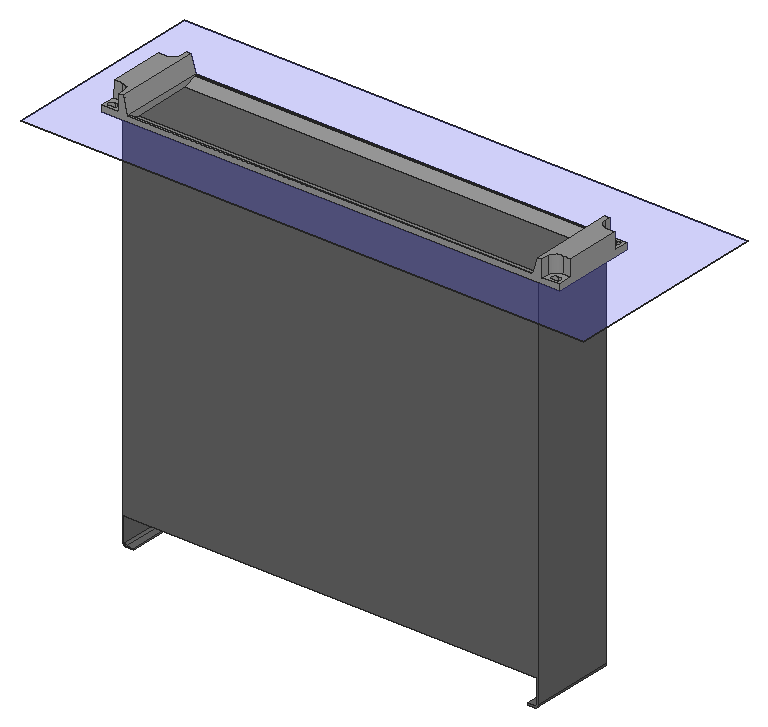
Revit family "QSC CX-Q 4 Channel Amplifier", category Generic Models, host Face, Revit 2017
Family settings
  Host = Face
  Can host rebar = No
  Round Connector Dimension = Use Diameter
  Part Type = Normal
  Cut with Voids When Loaded = No
  Shared = No
  Room Calculation Point = No
Parameters (values of type "CX-Qn 8K4")
  Width = 482.6 mm  # constant formula
  Weight Product (lb) = 26
  Weight Product (kg) = 11.8
  Weight Dimensional (lb) = 30
  Weight Dimensional (kg) = 13.6
  Voltage AC = "Universal power supply 100 - 240 VAC, 50 - 60 Hz with active PFC"  # constant formula
  URL = ""
  Regulatory Compliance = "UL, CE, RoHS/WEEE compliant, FCC Class B (conducted and radiated emissions)"  # constant formula
  Product Page URL = "https://www.qsc.com/systems/products/power-amplifiers/dsp-amplifiers-network/cx-q-series/cx-qn-8k4/"
  Product Documentation Link = "https://www.qsc.com/resource-files/productresources/amp/cx-q/4_channel/q_rep_specsheet_cxq4.pdf"
  Model = "CX-QN 8K4"
  Manufacturer URL = "http://www.qsc.com"
  Manufacturer = "QSC"  # constant formula
  Inner Front Width [instance] = 427.203 mm
  Height = 88.9 mm  # constant formula
  Face Material [instance] = Light Gray Finish
  Description = "Four-channel Network Amplifier for the Q-SYS Ecosystem"
  Depth = 426.0 mm  # constant formula
  Default Elevation = 0.0 mm
  Amplifier Material [instance] = Black Finish
Types (7, lengths in mm): name | Weight Product (lb) | Weight Product (kg) | Weight Dimensional (lb) | Weight Dimensional (kg) | Product Page URL | Model
  (no name) | 26 | 11.8 | 30 | 13.6 | "https://www.qsc.com/systems/products/power-amplifiers/dsp-amplifiers-network/cx-q-series/cx-qn-8k4/" | "CX-QN 8K4"
  CX-Q 2K4 | 23 | 10.4 | 27 | 12.2 | "https://www.qsc.com/systems/products/power-amplifiers/dsp-amplifiers-network/cx-q-series/cx-q-2k4/" | "CX-Q 2k4"
  CX-Qn 2K4 | 23 | 10.4 | 27 | 12.2 | "https://www.qsc.com/systems/products/power-amplifiers/dsp-amplifiers-network/cx-q-series/cx-qn-2k4/" | "CX-Qn 2k4"
  CX-Q 4K4 | 25 | 11.3 | 29 | 13.2 | "https://www.qsc.com/systems/products/power-amplifiers/dsp-amplifiers-network/cx-q-series/cx-q-4k4/" | "CX-Q 4k4"
  CX-Qn 4K4 | 25 | 11.3 | 29 | 13.2 | "https://www.qsc.com/systems/products/power-amplifiers/dsp-amplifiers-network/cx-q-series/cx-qn-4k4/" | "CX-Qn 4k4"
  CX-Q 8K4 | 26 | 11.8 | 30 | 13.6 | "https://www.qsc.com/systems/products/power-amplifiers/dsp-amplifiers-network/cx-q-series/cx-q-8k4/" | "CX-Q 8K4"
  CX-Qn 8K4 | 26 | 11.8 | 30 | 13.6 | "https://www.qsc.com/systems/products/power-amplifiers/dsp-amplifiers-network/cx-q-series/cx-qn-8k4/" | "CX-QN 8K4"
Reference planes
  plane 1 "Center (Front/Back)": y = 0
  plane 2: z = 0
  plane 3 "Center (Left/Right)": x = 0
  plane 4 "Left": x = -241.3
  plane 5 "Right": x = 241.3
  plane 6 "Top": y = 44.45
  plane 7 "Bottom": y = -44.45
  plane 8 "Back": z = -402.101
  plane 9: z = -373.399
  plane 10: x = -219.019
  plane 11: x = 219.019
  plane 12 "Front": z = 23.899
  plane 13: x = -207.869
  plane 14: x = 207.869
  plane 15: x = -240.508
  plane 16: x = -218.308
  plane 17: x = -213.601
  plane 18: z = 6.33
  plane 19: x = 240.508
  plane 20: x = 218.308
  plane 21: x = 213.601
  plane 22: z = 6.33
  plane 23: z = 14.049
  plane 24 "Inner Left": x = -213.601
  plane 25 "Inner Right": x = 213.601
Forms (mm)
  Extrusion 1, solid, material "Glass"
    sketch origin (0, 0, 0) x (1, 0, 0) y (0, 1, 0)
      loop
        line (-284.09, 118.816) -> (-284.09, -98.587) -> (309.771, -98.587) -> (309.771, 118.816) -> (-284.09, 118.816)
    from 0 to -0.992
  Extrusion 2, solid, material "Black Finish" <- "Amplifier Material"
    sketch origin (0, -44.45, 0) x (-1, 0, 0) y (0, 0, 1)
      loop
        line (241.3, 0) -> (-241.3, 0) -> (-241.3, -402.101) -> (241.3, -402.101) -> (241.3, 0)
    from 0 to 88.9 <- "Height"
  Extrusion 3, void
    sketch origin (0, -44.45, 0) x (-1, 0, 0) y (0, 0, 1)
      loop
        line (219.019, -402.101) -> (241.3, -402.101) -> (241.3, 0) -> (219.019, 0) -> (219.019, -402.101)
      loop
        line (-241.3, -402.101) -> (-219.019, -402.101) -> (-219.019, 0) -> (-241.3, 0) -> (-241.3, -402.101)
    from 0 to 88.9 <- "Height"
  Extrusion 4, void
    sketch origin (0, -44.45, 0) x (-1, 0, 0) y (0, 0, 1)
      loop
        arc (219.019, -398.799) -> (218.052, -401.134) -> (215.717, -402.101) r 3.302
        line (215.717, -402.101) -> (219.019, -402.101) -> (219.019, -398.799)
      loop
        line (217.818, -398.799) -> (217.818, -373.399) -> (-217.818, -373.399) -> (-217.818, -398.799)
        arc (-217.818, -398.799) -> (-217.202, -400.284) -> (-215.717, -400.9) r 2.101
        line (-215.717, -400.9) -> (-207.869, -400.9) -> (-207.869, -402.101) -> (207.869, -402.101) -> (207.869, -400.9) -> (215.717, -400.9)
        arc (215.717, -400.9) -> (217.202, -400.284) -> (217.818, -398.799) r 2.101
      loop
        line (-219.019, -398.799) -> (-219.019, -402.101) -> (-215.717, -402.101)
        arc (-215.717, -402.101) -> (-218.052, -401.134) -> (-219.019, -398.799) r 3.302
    from 0 to 88.9
  Extrusion 5, void
    sketch origin (0, -44.45, 0) x (-1, 0, 0) y (0, 0, 1)
      loop
        line (241.3, 0) -> (241.3, 23.899) -> (240.508, 23.899) -> (241.3, 0)
      loop
        line (218.308, 23.899) -> (-218.308, 23.899) -> (-213.601, 6.33)
        arc (-213.601, 6.33) -> (0, 13.745) -> (213.601, 6.33) r 3080.136
        line (213.601, 6.33) -> (218.308, 23.899)
      loop
        line (-240.508, 23.899) -> (-241.3, 23.899) -> (-241.3, 0) -> (-240.508, 23.899)
    from 0 to 88.9
  Extrusion 6, void
    sketch origin (0, 0, 23.899) x (-1, 0, 0) y (0, -1, 0)
      loop
        line (241.3, -44.45) -> (241.3, -28.905) -> (232.687, -28.905)
        arc (232.687, -28.905) -> (226.184, -31.39) -> (222.994, -37.577) r 9.753
        line (222.994, -37.577) -> (222.994, -44.45) -> (241.3, -44.45)
      loop
        line (241.3, 44.45) -> (222.994, 44.45) -> (222.994, 37.577)
        arc (222.994, 37.577) -> (226.184, 31.39) -> (232.687, 28.905) r 9.753
        line (232.687, 28.905) -> (241.3, 28.905) -> (241.3, 44.45)
      loop
        line (-241.3, -44.45) -> (-222.994, -44.45) -> (-222.994, -37.577)
        arc (-222.994, -37.577) -> (-226.184, -31.39) -> (-232.687, -28.905) r 9.753
        line (-232.687, -28.905) -> (-241.3, -28.905) -> (-241.3, -44.45)
      loop
        line (-241.3, 44.45) -> (-241.3, 28.905) -> (-232.687, 28.905)
        arc (-232.687, 28.905) -> (-226.184, 31.39) -> (-222.994, 37.577) r 9.753
        line (-222.994, 37.577) -> (-222.994, 44.45) -> (-241.3, 44.45)
    from 0 to -17.363
  Extrusion 7, void
    sketch origin (0, 0, 23.899) x (-1, 0, 0) y (0, -1, 0)
      loop
        arc (235.24, -41.935) -> (238.491, -38.684) -> (235.24, -35.433) r 3.251
        line (235.24, -35.433) -> (231.938, -35.433)
        arc (231.938, -35.433) -> (228.686, -38.684) -> (231.938, -41.935) r 3.251
        line (231.938, -41.935) -> (235.24, -41.935)
      loop
        arc (235.24, 35.433) -> (238.491, 38.684) -> (235.24, 41.935) r 3.251
        line (235.24, 41.935) -> (231.938, 41.935)
        arc (231.938, 41.935) -> (228.686, 38.684) -> (231.938, 35.433) r 3.251
        line (231.938, 35.433) -> (235.24, 35.433)
      loop
        arc (-231.938, -41.935) -> (-228.686, -38.684) -> (-231.938, -35.433) r 3.251
        line (-231.938, -35.433) -> (-235.24, -35.433)
        arc (-235.24, -35.433) -> (-238.491, -38.684) -> (-235.24, -41.935) r 3.251
        line (-235.24, -41.935) -> (-231.938, -41.935)
      loop
        arc (-231.938, 35.433) -> (-228.686, 38.684) -> (-231.938, 41.935) r 3.251
        line (-231.938, 41.935) -> (-235.24, 41.935)
        arc (-235.24, 41.935) -> (-238.491, 38.684) -> (-235.24, 35.433) r 3.251
        line (-235.24, 35.433) -> (-231.938, 35.433)
    from 0 to -25.4
  Extrusion 8, void
    sketch origin (-213.601, 0, 0) x (0, 1, 0) y (0, 0, 1)
      loop
        line (42.942, 5.825) -> (44.45, 23.899) -> (42.942, 23.899) -> (-44.45, 23.899) -> (-43.067, 5.712) -> (-30.265, 0) -> (30.581, 0) -> (42.942, 5.825)
    from 0 to 427.203 <- "Inner Front Width"
  Extrusion 9, void
    sketch origin (0, 0, -402.101) x (-1, 0, 0) y (0, -1, 0)
      loop
        line (-196.103, 5.009) -> (-183.681, 5.009) -> (-183.681, 28.269) -> (-196.103, 28.269) -> (-196.103, 5.009)
      loop
        line (67.483, -13.082) -> (87.397, -13.082) -> (87.397, -3.225) -> (67.483, -3.225) -> (67.483, -13.082)
      loop
        line (92.883, -13.082) -> (112.797, -13.082) -> (112.797, -3.225) -> (92.883, -3.225) -> (92.883, -13.082)
      loop
        line (118.283, -13.082) -> (138.197, -13.082) -> (138.197, -3.225) -> (118.283, -3.225) -> (118.283, -13.082)
      loop
        line (143.683, -13.082) -> (163.597, -13.082) -> (163.597, -3.225) -> (143.683, -3.225) -> (143.683, -13.082)
      loop
        line (186.289, 14.258) -> (201.973, 14.258) -> (201.973, 36.368) -> (186.289, 36.368) -> (186.289, 14.258)
      loop
        line (203.056, -9.263) -> (190.356, -9.263) -> (190.356, -25.649) -> (203.056, -25.649) -> (203.056, -9.263)
      loop
        line (189.464, -9.263) -> (176.764, -9.263) -> (176.764, -25.649) -> (189.464, -25.649) -> (189.464, -9.263)
      loop
        line (17.692, -30.016) -> (24.938, -30.016) -> (24.938, -23.09) -> (17.692, -23.09) -> (17.692, -30.016)
      loop
        line (17.692, -22.396) -> (24.938, -22.396) -> (24.938, -15.47) -> (17.692, -15.47) -> (17.692, -22.396)
      loop
        line (17.692, -14.776) -> (24.938, -14.776) -> (24.938, -7.85) -> (17.692, -7.85) -> (17.692, -14.776)
      loop
        line (17.692, -7.156) -> (24.938, -7.156) -> (24.938, -0.23) -> (17.692, -0.23) -> (17.692, -7.156)
      loop
        line (17.692, 0.464) -> (24.938, 0.464) -> (24.938, 7.39) -> (17.692, 7.39) -> (17.692, 0.464)
      loop
        line (17.692, 8.084) -> (24.938, 8.084) -> (24.938, 15.01) -> (17.692, 15.01) -> (17.692, 8.084)
      loop
        line (17.692, 15.704) -> (24.938, 15.704) -> (24.938, 22.63) -> (17.692, 22.63) -> (17.692, 15.704)
      loop
        line (17.692, 23.324) -> (24.938, 23.324) -> (24.938, 30.25) -> (17.692, 30.25) -> (17.692, 23.324)
    from 0 to 31.75
  Extrusion 10, solid, material "Light Gray Finish" <- "Face Material"
    sketch origin (0, -44.45, 0) x (-1, 0, 0) y (0, 0, 1)
      loop
        line (241.3, 23.899) -> (-241.3, 23.899) -> (-241.3, 0) -> (241.3, 0) -> (241.3, 23.899)
    from 0 to 88.9 <- "Height"
Cuts and joins
  Extrusion 3, Extrusion 4, Extrusion 5, Extrusion 6, Extrusion 7, Extrusion 8, Extrusion 9 cuts Extrusion 2
  Extrusion 5, Extrusion 6, Extrusion 7, Extrusion 8 cuts Extrusion 10
Lines and regions (mm)
  model lines, detail levels fine
    curve 1: arc (-219.019, 31.702, -380.707) -> (-219.019, 28.451, -377.455) -> (-219.019, 25.199, -380.707) r 3.251
    curve 2: line (-219.019, 25.199, -380.707) -> (-219.019, 25.199, -384.009)
    curve 3: arc (-219.019, 25.199, -384.009) -> (-219.019, 28.451, -387.26) -> (-219.019, 31.702, -384.009) r 3.251
    curve 4: line (-219.019, 31.702, -384.009) -> (-219.019, 31.702, -380.707)
    curve 5: arc (-219.019, 17.605, -393.915) -> (-219.019, 15.827, -392.137) -> (-219.019, 14.049, -393.915) r 1.778
    curve 6: arc (-219.019, 14.049, -393.915) -> (-219.019, 15.827, -395.693) -> (-219.019, 17.605, -393.915) r 1.778
    curve 7: arc (-219.019, -14.049, -393.915) -> (-219.019, -15.827, -392.137) -> (-219.019, -17.605, -393.915) r 1.778
    curve 8: arc (-219.019, -17.605, -393.915) -> (-219.019, -15.827, -395.693) -> (-219.019, -14.049, -393.915) r 1.778
    curve 9: arc (-219.019, -31.702, -384.009) -> (-219.019, -28.451, -387.26) -> (-219.019, -25.199, -384.009) r 3.251
    curve 10: line (-219.019, -25.199, -384.009) -> (-219.019, -25.199, -380.707)
    curve 11: arc (-219.019, -25.199, -380.707) -> (-219.019, -28.451, -377.455) -> (-219.019, -31.702, -380.707) r 3.251
    curve 12: line (-219.019, -31.702, -380.707) -> (-219.019, -31.702, -384.009)
    curve 13: arc (219.019, 31.702, -380.707) -> (219.019, 28.451, -377.455) -> (219.019, 25.199, -380.707) r 3.251
    curve 14: line (219.019, 25.199, -380.707) -> (219.019, 25.199, -384.009)
    curve 15: arc (219.019, 25.199, -384.009) -> (219.019, 28.451, -387.26) -> (219.019, 31.702, -384.009) r 3.251
    curve 16: line (219.019, 31.702, -384.009) -> (219.019, 31.702, -380.707)
    curve 17: arc (219.019, 17.605, -393.915) -> (219.019, 15.827, -392.137) -> (219.019, 14.049, -393.915) r 1.778
    curve 18: arc (219.019, 14.049, -393.915) -> (219.019, 15.827, -395.693) -> (219.019, 17.605, -393.915) r 1.778
    curve 19: arc (219.019, -14.049, -393.915) -> (219.019, -15.827, -392.137) -> (219.019, -17.605, -393.915) r 1.778
    curve 20: arc (219.019, -17.605, -393.915) -> (219.019, -15.827, -395.693) -> (219.019, -14.049, -393.915) r 1.778
    curve 21: arc (219.019, -31.702, -384.009) -> (219.019, -28.451, -387.26) -> (219.019, -25.199, -384.009) r 3.251
    curve 22: line (219.019, -25.199, -384.009) -> (219.019, -25.199, -380.707)
    curve 23: arc (219.019, -25.199, -380.707) -> (219.019, -28.451, -377.455) -> (219.019, -31.702, -380.707) r 3.251
    curve 24: line (219.019, -31.702, -380.707) -> (219.019, -31.702, -384.009)
    curve 25: circle (-211.933, 15.827, -402.101) r 1.778 normal (0, 0, 1)
    curve 26: circle (-211.933, -15.827, -402.101) r 1.778 normal (0, 0, -1)
    curve 27: circle (211.933, 15.827, -402.101) r 1.778 normal (0, 0, -1)
    curve 28: circle (211.933, -15.827, -402.101) r 1.778 normal (0, 0, 1)
    curve 61: line (-5.971, 18.803, 2.278) -> (-9.502, 22.296, 2.278)
    curve 62: line (57.828, 18.803, 2.278) -> (61.359, 22.296, 2.278)
    curve 63: line (57.828, -19.348, 2.278) -> (61.359, -22.84, 2.278)
    curve 64: line (-5.971, -19.348, 2.278) -> (-9.502, -22.84, 2.278)
    curve 69: arc (-99.815, -1.556, 2.278) -> (-100.423, -4.905, 2.278) -> (-101.046, -1.559, 2.278) r 1.73
    curve 70: line (-100.427, -3.175, 2.278) -> (-100.427, -0.069, 2.278)
    curve 71: line (-69.946, 17.216, 2.278) -> (-61.84, 17.216, 2.278)
    curve 72: line (-69.946, 13.082, 2.278) -> (-69.946, 17.216, 2.278)
    curve 73: line (-61.84, 13.082, 2.278) -> (-69.946, 13.082, 2.278)
    curve 74: line (-61.84, 17.216, 2.278) -> (-61.84, 13.082, 2.278)
    curve 75: line (-31.846, 17.216, 2.278) -> (-23.74, 17.216, 2.278)
    curve 76: line (-31.846, 13.082, 2.278) -> (-31.846, 17.216, 2.278)
    curve 77: line (-23.74, 13.082, 2.278) -> (-31.846, 13.082, 2.278)
    curve 78: line (-23.74, 17.216, 2.278) -> (-23.74, 13.082, 2.278)
    curve 79: line (-57.246, 17.216, 2.278) -> (-49.14, 17.216, 2.278)
    curve 80: line (-57.246, 13.082, 2.278) -> (-57.246, 17.216, 2.278)
    curve 81: line (-49.14, 13.082, 2.278) -> (-57.246, 13.082, 2.278)
    curve 82: line (-49.14, 17.216, 2.278) -> (-49.14, 13.082, 2.278)
    curve 83: line (-44.546, 17.216, 2.278) -> (-36.44, 17.216, 2.278)
    curve 84: line (-44.546, 13.082, 2.278) -> (-44.546, 17.216, 2.278)
    curve 85: line (-36.44, 13.082, 2.278) -> (-44.546, 13.082, 2.278)
    curve 86: line (-36.44, 17.216, 2.278) -> (-36.44, 13.082, 2.278)
    curve 87: line (-69.946, -5.009, 2.278) -> (-61.84, -5.009, 2.278)
    curve 88: line (-69.946, -9.143, 2.278) -> (-69.946, -5.009, 2.278)
    curve 89: line (-61.84, -9.143, 2.278) -> (-69.946, -9.143, 2.278)
    curve 90: line (-61.84, -5.009, 2.278) -> (-61.84, -9.143, 2.278)
    curve 91: line (-31.846, -5.009, 2.278) -> (-23.74, -5.009, 2.278)
    curve 92: line (-31.846, -9.143, 2.278) -> (-31.846, -5.009, 2.278)
    curve 93: line (-23.74, -9.143, 2.278) -> (-31.846, -9.143, 2.278)
    curve 94: line (-23.74, -5.009, 2.278) -> (-23.74, -9.143, 2.278)
    curve 95: line (-57.246, -5.009, 2.278) -> (-49.14, -5.009, 2.278)
    curve 96: line (-57.246, -9.143, 2.278) -> (-57.246, -5.009, 2.278)
    curve 97: line (-49.14, -9.143, 2.278) -> (-57.246, -9.143, 2.278)
    curve 98: line (-49.14, -5.009, 2.278) -> (-49.14, -9.143, 2.278)
    curve 99: line (-44.546, -5.009, 2.278) -> (-36.44, -5.009, 2.278)
    curve 100: line (-44.546, -9.143, 2.278) -> (-44.546, -5.009, 2.278)
    curve 101: line (-36.44, -9.143, 2.278) -> (-44.546, -9.143, 2.278)
    curve 102: line (-36.44, -5.009, 2.278) -> (-36.44, -9.143, 2.278)
    curve 103: line (69.724, 22.296, 2.278) -> (80.216, 22.296, 2.278)
    curve 104: line (69.724, 16.257, 2.278) -> (69.724, 22.296, 2.278)
    curve 105: line (80.216, 16.257, 2.278) -> (69.724, 16.257, 2.278)
    curve 106: line (80.216, 22.296, 2.278) -> (80.216, 16.257, 2.278)
    curve 107: line (69.724, -16.802, 2.278) -> (80.216, -16.802, 2.278)
    curve 108: line (69.724, -22.84, 2.278) -> (69.724, -16.802, 2.278)
    curve 109: line (80.216, -22.84, 2.278) -> (69.724, -22.84, 2.278)
    curve 110: line (80.216, -16.802, 2.278) -> (80.216, -22.84, 2.278)
    curve 111: line (69.724, 9.263, 2.278) -> (80.216, 9.263, 2.278)
    curve 112: line (69.724, 3.225, 2.278) -> (69.724, 9.263, 2.278)
    curve 113: line (80.216, 3.225, 2.278) -> (69.724, 3.225, 2.278)
    curve 114: line (80.216, 9.263, 2.278) -> (80.216, 3.225, 2.278)
  model lines, style "GenericModel", detail levels fine
    curve 29: line (2.049, -37.361, 3.166) -> (-0.167, -34.694, 1.976)
    curve 30: line (-0.167, -34.694, 1.976) -> (2.049, -37.361, 3.166)
    curve 31: line (-8.203, -37.028, 3.018) -> (-7.365, -34.277, 1.79)
    curve 32: line (-7.365, -34.277, 1.79) -> (-8.203, -37.028, 3.018)
    curve 33: line (-6.804, -38.849, 3.831) -> (-7.429, -33.759, 1.559)
    curve 34: line (-7.429, -33.759, 1.559) -> (-6.804, -38.849, 3.831)
    curve 35: line (5.017, -35.288, 2.241) -> (6.993, -36.614, 2.833)
    curve 36: line (6.993, -36.614, 2.833) -> (5.017, -35.288, 2.241)
  model lines, style "GenericModel", not visible, detail levels fine
    curve 37: line (344.322, -25.724, 0.794) -> (342.106, -22.804, 0.794)
    curve 38: line (342.106, -22.804, 0.794) -> (344.322, -25.724, 0.794)
    curve 39: line (334.07, -25.359, 0.794) -> (334.908, -22.347, 0.794)
    curve 40: line (334.908, -22.347, 0.794) -> (334.07, -25.359, 0.794)
    curve 41: line (335.469, -27.353, 0.794) -> (334.844, -21.779, 0.794)
    curve 42: line (334.844, -21.779, 0.794) -> (335.469, -27.353, 0.794)
    curve 43: line (347.29, -23.453, 0.794) -> (349.266, -24.905, 0.794)
    curve 44: line (349.266, -24.905, 0.794) -> (347.29, -23.453, 0.794)
  model lines, not visible
    curve 45: arc (-104.012, -1.588, 45.52) -> (-96.511, 5.913, 45.52) -> (-89.011, -1.588, 45.52) r 7.501
    curve 46: arc (-89.011, -1.588, 45.52) -> (-96.511, -9.088, 45.52) -> (-104.012, -1.588, 45.52) r 7.501
    curve 47: arc (73.897, 4.762, 45.52) -> (89.396, 20.262, 45.52) -> (104.895, 4.762, 45.52) r 15.499
    curve 48: arc (104.895, 4.762, 45.52) -> (89.396, -10.737, 45.52) -> (73.897, 4.762, 45.52) r 15.499
    curve 49: line (54.287, 24.465, 45.52) -> (54.287, -20.671, 45.52)
    curve 50: line (54.287, -20.671, 45.52) -> (-16.573, -20.671, 45.52)
    curve 51: line (-16.573, -20.671, 45.52) -> (-16.573, 24.465, 45.52)
    curve 52: line (-16.573, 24.465, 45.52) -> (54.287, 24.465, 45.52)
  model lines, detail levels medium+fine
    curve 53: line (-9.502, 22.296, 2.278) -> (61.359, 22.296, 2.278)
    curve 54: line (61.359, 22.296, 2.278) -> (61.359, -22.84, 2.278)
    curve 55: line (-9.502, -22.84, 2.278) -> (61.359, -22.84, 2.278)
    curve 56: line (-9.502, 22.296, 2.278) -> (-9.502, -22.84, 2.278)
    curve 57: line (-5.971, 18.803, 2.278) -> (57.828, 18.803, 2.278)
    curve 58: line (57.828, 18.803, 2.278) -> (57.828, -19.348, 2.278)
    curve 59: line (-5.971, 18.803, 2.278) -> (-5.971, -19.348, 2.278)
    curve 60: line (-5.971, -19.348, 2.278) -> (57.828, -19.348, 2.278)
    curve 65: circle (101.82, -2.619, 2.278) r 15.494 normal (0, 0, 1)
    curve 66: circle (101.82, -2.619, 2.278) r 10.922 normal (0, 0, 1)
    curve 67: circle (-100.427, -3.175, 2.278) r 7.501 normal (0, 0, 1)
    curve 68: circle (-100.427, -3.175, 2.278) r 6.05 normal (0, 0, 1)
Dimensions and locks
  "Depth": plane 12 "Front" to plane 8 "Back"
  equal spacing: plane 6 "Top", plane 1 "Center (Front/Back)", plane 7 "Bottom"
  "Height": plane 6 "Top" to plane 7 "Bottom"
  equal spacing: plane 4 "Left", plane 3 "Center (Left/Right)", plane 5 "Right"
  "Width": plane 4 "Left" to plane 5 "Right"
  plane 9 to plane 8 "Back" = 28.702 mm
  plane 4 "Left" to plane 10 = 22.281 mm
  plane 11 to plane 5 "Right" = 22.281 mm
  plane 12 "Front" to plane 2 = 23.899 mm
  plane 10 to plane 13 = 11.151 mm
  plane 14 to plane 11 = 11.151 mm
  "Inner Front Width": plane 24 "Inner Left" to plane 25 "Inner Right"
  aligned and locked: plane 2 to Extrusion 1
  aligned and locked: level to Extrusion 1
  aligned and locked: Extrusion 2 sketch curve to plane 4 "Left"
  aligned and locked: plane 8 "Back" to Extrusion 2 sketch curve
  aligned and locked: Extrusion 2 sketch curve to plane 5 "Right"
  aligned and locked: Extrusion 3 sketch curve to plane 8 "Back"
  aligned and locked: Extrusion 3 sketch curve to plane 10
  aligned and locked: level to Extrusion 3 sketch curve  (x2)
  aligned and locked: Extrusion 3 sketch curve to plane 4 "Left"
  aligned and locked: Extrusion 3 sketch curve to Extrusion 2
  aligned and locked: Extrusion 2 to Extrusion 3 sketch curve
  aligned and locked: Extrusion 3 sketch curve to plane 11
  aligned and locked: Extrusion 2 sketch curve to plane 2
Automatic sketch dimensions
  Extrusion 1 sketch curve to Extrusion 1 sketch curve = 593.861 mm
  Extrusion 1 sketch curve to Extrusion 1 sketch curve = 217.403 mm
  Extrusion 4 sketch curve to plane 11 = 0.0 mm
  Extrusion 4 sketch curve to plane 9 = 0.0 mm
  Extrusion 4 sketch curve to plane 8 "Back" = 0.0 mm  (x3)
  Extrusion 4 sketch curve to plane 14 = 0.0 mm
  Extrusion 4 sketch curve to plane 13 = 0.0 mm
  Extrusion 4 sketch curve to plane 10 = 0.0 mm
  Extrusion 4 sketch curve to plane 11 = 1.201 mm
  plane 8 "Back" to Extrusion 4 sketch curve = 1.202 mm  (x2)
  plane 25 "Inner Right" to Extrusion 4 sketch curve = 2.116 mm
  Extrusion 4 sketch curve to Extrusion 4 sketch curve = 0.0 mm  (x2)
  Extrusion 4 sketch curve to plane 24 "Inner Left" = 2.116 mm
  plane 10 to Extrusion 4 sketch curve = 1.201 mm
  Extrusion 5 sketch curve to level = 0.0 mm  (x2)
  Extrusion 5 sketch curve to plane 5 "Right" = 0.0 mm
  Extrusion 5 sketch curve to plane 12 "Front" = 0.0 mm  (x3)
  plane 19 to Extrusion 5 sketch curve = 0.0 mm
  plane 20 to Extrusion 5 sketch curve = 0.0 mm
  Extrusion 5 sketch curve to plane 18 = 0.0 mm
  plane 21 to Extrusion 5 sketch curve = 0.0 mm
  Extrusion 5 sketch curve to plane 3 "Center (Left/Right)" = 0.0 mm
  Extrusion 5 sketch curve to plane 17 = 0.0 mm
  Extrusion 5 sketch curve to plane 16 = 0.0 mm
  Extrusion 5 sketch curve to plane 15 = 0.0 mm
  Extrusion 5 sketch curve to plane 4 "Left" = 0.0 mm
  Extrusion 5 sketch curve to plane 8 "Back" = 2664.29 mm
  Extrusion 6 sketch curve to plane 5 "Right" = 0.0 mm  (x2)
  Extrusion 6 sketch curve to plane 6 "Top" = 0.0 mm  (x2)
  Extrusion 6 sketch curve to plane 7 "Bottom" = 0.0 mm  (x2)
  Extrusion 6 sketch curve to plane 4 "Left" = 0.0 mm  (x2)
  Extrusion 6 sketch curve to plane 5 "Right" = 8.613 mm  (x2)
  plane 11 to Extrusion 6 sketch curve = 3.975 mm  (x2)
  Extrusion 6 sketch curve to plane 10 = 3.975 mm  (x2)
  plane 4 "Left" to Extrusion 6 sketch curve = 8.613 mm  (x2)
  Extrusion 6 sketch curve to plane 6 "Top" = 5.792 mm  (x2)
  Extrusion 6 sketch curve to plane 6 "Top" = 6.873 mm  (x2)
  plane 7 "Bottom" to Extrusion 6 sketch curve = 15.545 mm  (x2)
  plane 7 "Bottom" to Extrusion 6 sketch curve = 6.873 mm  (x2)
  plane 7 "Bottom" to Extrusion 7 sketch curve = 2.515 mm  (x2)
  Extrusion 7 sketch curve to plane 5 "Right" = 6.06 mm  (x2)
  Extrusion 7 sketch curve to Extrusion 7 sketch curve = 3.302 mm  (x4)
  plane 4 "Left" to Extrusion 7 sketch curve = 9.362 mm  (x2)
  Extrusion 7 sketch curve to plane 6 "Top" = 2.515 mm  (x2)
  Extrusion 7 sketch curve to Extrusion 7 sketch curve = 3.251 mm  (x2)
  Extrusion 7 sketch curve to Extrusion 7 sketch curve = 6.502 mm  (x2)
  curve 5 to curve 6 = 0.0 mm  (x2)
  curve 7 to curve 8 = 0.0 mm  (x2)
  curve 1 to Extrusion 3 = 21.394 mm
  curve 11 to Extrusion 3 = 21.394 mm
  curve 2 to curve 3 = 3.302 mm
  curve 10 to curve 10 = 3.302 mm
  curve 8 to Extrusion 3 = 8.186 mm
  curve 6 to Extrusion 3 = 8.186 mm
  Extrusion 3 to curve 1 = 12.748 mm
  curve 4 to curve 1 = 3.251 mm
  curve 3 to curve 5 = 7.595 mm
  curve 5 to curve 6 = 1.778 mm
  curve 5 to curve 7 = 28.097 mm
  curve 7 to curve 7 = 1.778 mm
  curve 8 to curve 11 = 7.595 mm
  curve 10 to curve 11 = 3.251 mm
  curve 17 to curve 18 = 0.0 mm  (x2)
  curve 19 to curve 20 = 0.0 mm  (x2)
  curve 19 to Extrusion 3 = 8.186 mm
  curve 18 to Extrusion 3 = 8.186 mm
  curve 17 to curve 16 = 9.906 mm
  curve 20 to curve 24 = 9.906 mm
  curve 15 to curve 16 = 3.302 mm
  curve 21 to curve 22 = 3.302 mm
  Extrusion 3 to curve 13 = 12.748 mm
  curve 13 to curve 13 = 3.251 mm
  curve 15 to curve 17 = 7.595 mm
  curve 17 to curve 18 = 1.778 mm
  curve 17 to curve 19 = 28.097 mm
  curve 19 to curve 19 = 1.778 mm
  curve 20 to curve 23 = 7.595 mm
  curve 22 to curve 23 = 3.251 mm
  curve 27 to plane 25 "Inner Right" = 1.669 mm
  curve 28 to plane 25 "Inner Right" = 1.669 mm
  plane 24 "Inner Left" to curve 26 = 1.669 mm
  plane 24 "Inner Left" to curve 25 = 1.669 mm
  curve 27 to plane 1 "Center (Front/Back)" = 15.827 mm
  curve 25 to plane 1 "Center (Front/Back)" = 15.827 mm
  plane 1 "Center (Front/Back)" to curve 28 = 15.827 mm
  plane 1 "Center (Front/Back)" to curve 26 = 15.827 mm
  Extrusion 8 sketch curve to plane 7 "Bottom" = 0.0 mm
  Extrusion 8 sketch curve to plane 12 "Front" = 0.0 mm
  Extrusion 8 sketch curve to plane 6 "Top" = 0.0 mm
  plane 7 "Bottom" to Extrusion 8 sketch curve = 1.383 mm
  Extrusion 8 sketch curve to Extrusion 8 sketch curve = 12.802 mm
  Extrusion 8 sketch curve to plane 6 "Top" = 13.869 mm
  Extrusion 8 sketch curve to plane 6 "Top" = 1.508 mm
  Extrusion 8 sketch curve to Extrusion 8 sketch curve = 1.508 mm
  curve 65 to curve 66 = 0.0 mm  (x2)
  curve 67 to curve 68 = 0.0 mm  (x2)
  curve 67 to curve 69 = 0.0 mm
  curve 68 to curve 69 = 0.0 mm
  curve 56 to plane 3 "Center (Left/Right)" = 9.502 mm
  plane 7 "Bottom" to curve 56 = 21.61 mm
  curve 64 to plane 3 "Center (Left/Right)" = 5.971 mm
  curve 55 to curve 64 = 3.492 mm
  plane 1 "Center (Front/Back)" to curve 67 = 3.175 mm
  curve 70 to curve 67 = 0.0 mm
  plane 1 "Center (Front/Back)" to curve 65 = 2.619 mm
  plane 1 "Center (Front/Back)" to curve 69 = 1.559 mm
  curve 69 to curve 69 = 0.003 mm
  plane 1 "Center (Front/Back)" to curve 70 = 0.069 mm
  curve 58 to plane 1 "Center (Front/Back)" = 18.803 mm
  curve 57 to curve 61 = 3.493 mm
  plane 3 "Center (Left/Right)" to curve 62 = 57.828 mm
  curve 53 to curve 57 = 3.531 mm
  curve 66 to curve 54 = 40.461 mm
  curve 55 to curve 69 = 90.313 mm
  curve 69 to curve 69 = 0.612 mm
  curve 69 to curve 70 = 0.612 mm
  Extrusion 10 sketch curve to level = 0.0 mm
  Extrusion 10 sketch curve to plane 4 "Left" = 0.0 mm
  Extrusion 10 sketch curve to plane 12 "Front" = 0.0 mm
  Extrusion 10 sketch curve to plane 5 "Right" = 0.0 mm
  level to Extrusion 8 sketch curve = 5.825 mm
  level to Extrusion 8 sketch curve = 5.712 mm
  level to Extrusion 8 sketch curve = 0.0 mm
  curve 76 to plane 1 "Center (Front/Back)" = 13.082 mm
  curve 81 to curve 84 = 0.0 mm
  curve 85 to curve 76 = 0.0 mm
  curve 74 to curve 80 = 0.0 mm
  curve 72 to curve 72 = 4.133 mm
  curve 76 to curve 75 = 4.133 mm
  curve 85 to curve 86 = 4.133 mm
  curve 80 to curve 79 = 4.133 mm
  curve 53 to curve 77 = 14.238 mm
  curve 77 to curve 77 = 8.106 mm
  curve 76 to curve 85 = 4.594 mm
  curve 85 to curve 84 = 8.106 mm
  curve 84 to curve 82 = 4.594 mm
  curve 81 to curve 81 = 8.106 mm
  curve 79 to curve 71 = 4.594 mm
  curve 71 to curve 71 = 8.106 mm
  plane 1 "Center (Front/Back)" to curve 90 = 9.143 mm
  curve 98 to curve 100 = 0.0 mm
  curve 101 to curve 92 = 0.0 mm
  curve 89 to curve 97 = 0.0 mm
  curve 88 to curve 88 = 4.133 mm
  curve 97 to curve 98 = 4.133 mm
  curve 93 to curve 91 = 4.133 mm
  curve 100 to curve 100 = 4.133 mm
  curve 55 to curve 94 = 14.238 mm
  curve 91 to curve 91 = 8.106 mm
  curve 92 to curve 101 = 4.594 mm
  curve 101 to curve 101 = 8.106 mm
  curve 100 to curve 98 = 4.594 mm
  curve 95 to curve 95 = 8.106 mm
  curve 96 to curve 90 = 4.594 mm
  curve 87 to curve 87 = 8.106 mm
  curve 54 to curve 109 = 0.0 mm
  curve 108 to curve 108 = 6.038 mm
  curve 113 to plane 1 "Center (Front/Back)" = 3.225 mm
  curve 113 to curve 114 = 6.038 mm
  curve 111 to curve 104 = 6.994 mm
  curve 104 to curve 103 = 6.038 mm
  curve 105 to curve 53 = 18.857 mm
  curve 107 to curve 54 = 18.857 mm
  curve 111 to curve 105 = 0.0 mm
  curve 111 to curve 112 = 10.491 mm
  curve 104 to curve 112 = 0.0 mm
  curve 107 to curve 54 = 8.366 mm
  Extrusion 9 sketch curve to plane 14 = 11.766 mm
  Extrusion 9 sketch curve to Extrusion 9 sketch curve = 12.421 mm
  plane 7 "Bottom" to Extrusion 9 sketch curve = 14.2 mm
  Extrusion 9 sketch curve to plane 3 "Center (Left/Right)" = 17.692 mm
  Extrusion 9 sketch curve to Extrusion 9 sketch curve = 0.0 mm  (x15)
  Extrusion 9 sketch curve to Extrusion 9 sketch curve = 7.246 mm  (x3)
  Extrusion 9 sketch curve to plane 1 "Center (Front/Back)" = 3.225 mm  (x4)
  Extrusion 9 sketch curve to Extrusion 9 sketch curve = 42.545 mm
  Extrusion 9 sketch curve to Extrusion 9 sketch curve = 19.914 mm  (x4)
  Extrusion 9 sketch curve to Extrusion 9 sketch curve = 5.486 mm  (x3)
  Extrusion 9 sketch curve to Extrusion 9 sketch curve = 13.167 mm
  plane 7 "Bottom" to Extrusion 9 sketch curve = 8.082 mm
  plane 13 to Extrusion 9 sketch curve = 21.579 mm
  Extrusion 9 sketch curve to Extrusion 9 sketch curve = 12.7 mm
  Extrusion 9 sketch curve to Extrusion 9 sketch curve = 0.891 mm
  plane 13 to Extrusion 9 sketch curve = 5.896 mm
  plane 13 to Extrusion 9 sketch curve = 4.813 mm
  Extrusion 9 sketch curve to plane 1 "Center (Front/Back)" = 7.156 mm
  Extrusion 9 sketch curve to plane 1 "Center (Front/Back)" = 9.263 mm
  Extrusion 9 sketch curve to Extrusion 9 sketch curve = 0.693 mm  (x7)
  Extrusion 9 sketch curve to Extrusion 9 sketch curve = 9.858 mm  (x3)
  Extrusion 9 sketch curve to Extrusion 9 sketch curve = 6.927 mm  (x5)
  Extrusion 9 sketch curve to Extrusion 9 sketch curve = 16.386 mm
  Extrusion 9 sketch curve to plane 1 "Center (Front/Back)" = 0.23 mm
  plane 1 "Center (Front/Back)" to Extrusion 9 sketch curve = 5.009 mm
  plane 1 "Center (Front/Back)" to Extrusion 9 sketch curve = 7.39 mm
  plane 1 "Center (Front/Back)" to Extrusion 9 sketch curve = 14.258 mm
  plane 7 "Bottom" to Extrusion 9 sketch curve = 16.181 mm
  radius of curve 25 = 1.778 mm
  radius of curve 26 = 1.778 mm
  radius of curve 27 = 1.778 mm
  radius of curve 28 = 1.778 mm
  radius of curve 65 = 15.494 mm
  radius of curve 66 = 10.922 mm
  radius of curve 67 = 7.501 mm
  radius of curve 68 = 6.05 mm
Connectors
  electrical at (189.892, -16.639, -370.351)
    settings: on cut or joined group 1 (Extrusion 2, Extrusion 3, Extrusion 4, Extrusion 5, Extrusion 6, Extrusion 7, Extrusion 8, Extrusion 9), index 1, voltage 0 V, apparent load 0 VA, apparent load phase1 0 VA, apparent load phase2 0 VA, apparent load phase3 0 VA, power factor 1, load classification "Other", number of poles 1, system type 31, power factor state 1, is connector primary yes, connector utility no, sub classification motor no, connector description "120-240VAC, 50-60Hz"
  electrical at (-196.706, 17.456, -370.351)
    settings: on cut or joined group 1, index 2, voltage 0 V, apparent load 0 VA, apparent load phase1 0 VA, apparent load phase2 0 VA, apparent load phase3 0 VA, power factor 1, load classification "Other", number of poles 1, system type 5, power factor state 1, is connector primary no, connector utility no, sub classification motor no, connector description "LAN A"
  electrical at (-183.114, 17.456, -370.351)
    settings: on cut or joined group 1, index 3, voltage 0 V, apparent load 0 VA, apparent load phase1 0 VA, apparent load phase2 0 VA, apparent load phase3 0 VA, power factor 1, load classification "Other", number of poles 1, system type 5, power factor state 1, is connector primary no, connector utility no, sub classification motor no, connector description ""
  electrical at (-153.64, 8.154, -370.351)
    settings: on cut or joined group 1, index 4, voltage 0 V, apparent load 0 VA, apparent load phase1 0 VA, apparent load phase2 0 VA, apparent load phase3 0 VA, power factor 1, load classification "Other", number of poles 1, system type 14, power factor state 1, is connector primary no, connector utility no, sub classification motor no, connector description "Input 1"
  electrical at (-128.24, 8.154, -370.351)
    settings: on cut or joined group 1, index 5, voltage 0 V, apparent load 0 VA, apparent load phase1 0 VA, apparent load phase2 0 VA, apparent load phase3 0 VA, power factor 1, load classification "Other", number of poles 1, system type 14, power factor state 1, is connector primary no, connector utility no, sub classification motor no, connector description "Input 2"
  electrical at (-102.84, 8.154, -370.351)
    settings: on cut or joined group 1, index 6, voltage 0 V, apparent load 0 VA, apparent load phase1 0 VA, apparent load phase2 0 VA, apparent load phase3 0 VA, power factor 1, load classification "Other", number of poles 1, system type 14, power factor state 1, is connector primary no, connector utility no, sub classification motor no, connector description "Input 3"
  electrical at (-77.44, 8.154, -370.351)
    settings: on cut or joined group 1, index 7, voltage 0 V, apparent load 0 VA, apparent load phase1 0 VA, apparent load phase2 0 VA, apparent load phase3 0 VA, power factor 1, load classification "Other", number of poles 1, system type 14, power factor state 1, is connector primary no, connector utility no, sub classification motor no, connector description "Input 4"
  electrical at (-21.315, 26.553, -370.351)
    settings: on cut or joined group 1, index 8, voltage 0 V, apparent load 0 VA, apparent load phase1 0 VA, apparent load phase2 0 VA, apparent load phase3 0 VA, power factor 1, load classification "Other", number of poles 1, system type 14, power factor state 1, is connector primary no, connector utility no, sub classification motor no, connector description "Output T1"
  electrical at (-21.315, 18.933, -370.351)
    settings: on cut or joined group 1, index 9, voltage 0 V, apparent load 0 VA, apparent load phase1 0 VA, apparent load phase2 0 VA, apparent load phase3 0 VA, power factor 1, load classification "Other", number of poles 1, system type 14, power factor state 1, is connector primary no, connector utility no, sub classification motor no, connector description "Output T2"
  electrical at (-21.315, 11.313, -370.351)
    settings: on cut or joined group 1, index 10, voltage 0 V, apparent load 0 VA, apparent load phase1 0 VA, apparent load phase2 0 VA, apparent load phase3 0 VA, power factor 1, load classification "Other", number of poles 1, system type 14, power factor state 1, is connector primary no, connector utility no, sub classification motor no, connector description "Output T3"
  electrical at (-21.315, 3.693, -370.351)
    settings: on cut or joined group 1, index 11, voltage 0 V, apparent load 0 VA, apparent load phase1 0 VA, apparent load phase2 0 VA, apparent load phase3 0 VA, power factor 1, load classification "Other", number of poles 1, system type 14, power factor state 1, is connector primary no, connector utility no, sub classification motor no, connector description "Output T4"
  electrical at (-21.315, -3.927, -370.351)
    settings: on cut or joined group 1, index 12, voltage 0 V, apparent load 0 VA, apparent load phase1 0 VA, apparent load phase2 0 VA, apparent load phase3 0 VA, power factor 1, load classification "Other", number of poles 1, system type 14, power factor state 1, is connector primary no, connector utility no, sub classification motor no, connector description "Output T5"
  electrical at (-21.315, -11.547, -370.351)
    settings: on cut or joined group 1, index 13, voltage 0 V, apparent load 0 VA, apparent load phase1 0 VA, apparent load phase2 0 VA, apparent load phase3 0 VA, power factor 1, load classification "Other", number of poles 1, system type 14, power factor state 1, is connector primary no, connector utility no, sub classification motor no, connector description "Output T6"
  electrical at (-21.315, -19.167, -370.351)
    settings: on cut or joined group 1, index 14, voltage 0 V, apparent load 0 VA, apparent load phase1 0 VA, apparent load phase2 0 VA, apparent load phase3 0 VA, power factor 1, load classification "Other", number of poles 1, system type 14, power factor state 1, is connector primary no, connector utility no, sub classification motor no, connector description "Output T7"
  electrical at (-21.315, -26.787, -370.351)
    settings: on cut or joined group 1, index 15, voltage 0 V, apparent load 0 VA, apparent load phase1 0 VA, apparent load phase2 0 VA, apparent load phase3 0 VA, power factor 1, load classification "Other", number of poles 1, system type 14, power factor state 1, is connector primary no, connector utility no, sub classification motor no, connector description "Output T8"
  electrical at (-194.131, -25.313, -370.351)
    settings: on cut or joined group 1, index 16, voltage 0 V, apparent load 0 VA, apparent load phase1 0 VA, apparent load phase2 0 VA, apparent load phase3 0 VA, power factor 1, load classification "Other", number of poles 1, system type 13, power factor state 1, is connector primary no, connector utility no, sub classification motor no, connector description "GPIO"
